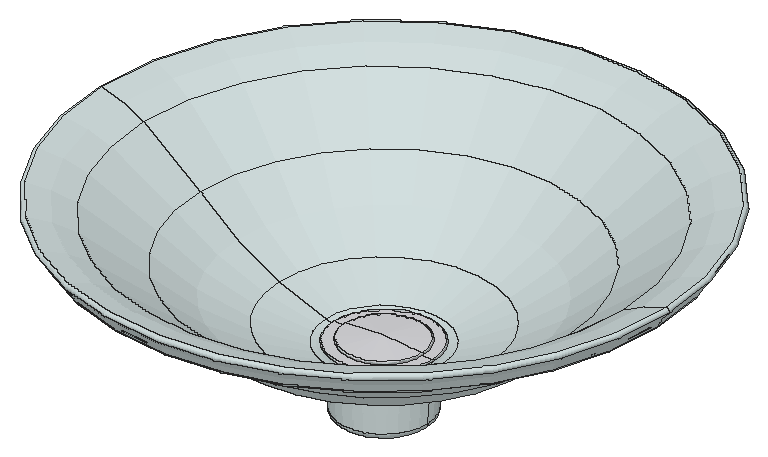
Revit family "Sink-Vessel-Lavatory-KOHLER-Derring_on_Carillon-K-17890_1", category Plumbing Fixtures, host Face, Revit 2015 (continued)
Definition of nested family "K-17890"
  Lines and regions (in)
    symbolic lines, detail levels medium+fine
      curve 401: arc (1.4664, 3.5525, 0) -> (1.42683, 3.39508, 0) -> (1.402, 3.23467, 0) r 1.75146
      curve 402: arc (1.29266, 3.27931, 0) -> (1.25401, 3.24543, 0) -> (1.205, 3.22992, 0) r 0.12522
      curve 403: arc (1.402, 3.23467, 0) -> (1.40702, 3.18209, 0) -> (1.43235, 3.13573, 0) r 0.13139
      curve 404: arc (1.28544, 3.20448, 0) -> (0.96666, 2.41858, 0) -> (0.67082, 1.62377, 0) r 29.2281
      curve 405: arc (1.3494, 3.17745, 0) -> (1.02094, 2.39588, 0) -> (0.67082, 1.62377, 0) r 30.40578
      curve 406: arc (1.35284, 3.32927, 0) -> (1.31616, 3.26848, 0) -> (1.28544, 3.20448, 0) r 0.74486
      curve 407: arc (1.39208, 3.30296, 0) -> (1.3725, 3.23961, 0) -> (1.3494, 3.17745, 0) r 1.18069
      curve 408: arc (1.3887, 3.34291, 0) -> (1.39398, 3.32324, 0) -> (1.39208, 3.30296, 0) r 0.05754
      curve 409: arc (1.3887, 3.34291, 0) -> (1.3686, 3.3418, 0) -> (1.35284, 3.32927, 0) r 0.03318
      curve 410: arc (2.41837, 5.2955, 0) -> (2.30946, 5.0037, 0) -> (2.21276, 4.70762, 0) r 7.49877
      curve 411: arc (2.78611, 5.11853, 0) -> (2.62831, 4.85541, 0) -> (2.43884, 4.61411, 0) r 2.44677
      curve 412: arc (2.21276, 4.70762, 0) -> (2.19627, 4.59957, 0) -> (2.21103, 4.49126, 0) r 0.38232
      curve 413: arc (2.43884, 4.61411, 0) -> (2.37049, 4.54379, 0) -> (2.29639, 4.47958, 0) r 1.14623
      curve 414: arc (2.29639, 4.47958, 0) -> (2.25121, 4.46719, 0) -> (2.21103, 4.49126, 0) r 0.05964
      curve 415: arc (2.23453, 4.47203, 0) -> (2.11432, 4.27118, 0) -> (1.97611, 4.08228, 0) r 2.53556
      curve 416: arc (1.97611, 4.08228, 0) -> (1.89833, 4.00655, 0) -> (1.80467, 3.95167, 0) r 0.44975
      curve 417: arc (2.23453, 4.47203, 0) -> (2.15102, 4.25182, 0) -> (2.07698, 4.02825, 0) r 5.52516
      curve 418: arc (2.07698, 4.02825, 0) -> (2.06021, 3.91977, 0) -> (2.07517, 3.81103, 0) r 0.37959
      curve 419: arc (1.80467, 3.95167, 0) -> (1.74333, 3.75828, 0) -> (1.7029, 3.55946, 0) r 1.90482
      curve 420: arc (2.07517, 3.81103, 0) -> (1.95399, 3.63813, 0) -> (1.80715, 3.48641, 0) r 1.33954
      curve 421: arc (1.7029, 3.55946, 0) -> (1.70173, 3.4983, 0) -> (1.7161, 3.43884, 0) r 0.23936
      curve 422: arc (1.80715, 3.48641, 0) -> (1.76451, 3.45711, 0) -> (1.7161, 3.43884, 0) r 0.21491
      curve 423: arc (1.7161, 3.43884, 0) -> (1.62477, 3.30504, 0) -> (1.52331, 3.17874, 0) r 2.082
      curve 424: arc (1.7161, 3.43884, 0) -> (1.66539, 3.28464, 0) -> (1.62919, 3.12641, 0) r 1.75146
      curve 425: arc (1.52331, 3.17874, 0) -> (1.48234, 3.1477, 0) -> (1.43235, 3.13573, 0) r 0.12522
      curve 426: arc (1.62919, 3.12641, 0) -> (1.63044, 3.0736, 0) -> (1.6524, 3.02556, 0) r 0.13139
      curve 427: arc (1.51077, 3.10461, 0) -> (1.13674, 2.34346, 0) -> (0.78495, 1.57178, 0) r 29.2281
      curve 428: arc (1.57264, 3.07309, 0) -> (1.18926, 2.31694, 0) -> (0.78495, 1.57178, 0) r 30.40578
      curve 429: arc (1.5869, 3.22427, 0) -> (1.54598, 3.16626, 0) -> (1.51077, 3.10461, 0) r 0.74486
      curve 430: arc (1.62416, 3.19524, 0) -> (1.60012, 3.13344, 0) -> (1.57264, 3.07309, 0) r 1.18069
      curve 431: arc (1.62364, 3.23533, 0) -> (1.62751, 3.21533, 0) -> (1.62416, 3.19524, 0) r 0.05754
      curve 432: arc (1.62364, 3.23533, 0) -> (1.60351, 3.23565, 0) -> (1.5869, 3.22427, 0) r 0.03318
      curve 433: arc (2.78999, 5.10948, 0) -> (2.66054, 4.82619, 0) -> (2.54296, 4.53777, 0) r 7.49877
      curve 434: arc (3.14416, 4.90673, 0) -> (2.968, 4.65554, 0) -> (2.76179, 4.42836, 0) r 2.44677
      curve 435: arc (2.54296, 4.53777, 0) -> (2.5188, 4.43117, 0) -> (2.5258, 4.32208, 0) r 0.38232
      curve 436: arc (2.76179, 4.42836, 0) -> (2.6886, 4.36311, 0) -> (2.61011, 4.30434, 0) r 1.14623
      curve 437: arc (2.61011, 4.30434, 0) -> (2.56416, 4.29521, 0) -> (2.5258, 4.32208, 0) r 0.05964
      curve 438: arc (2.54786, 4.30122, 0) -> (2.41364, 4.10947, 0) -> (2.2623, 3.9309, 0) r 2.53556
      curve 439: arc (2.2623, 3.9309, 0) -> (2.17932, 3.86092, 0) -> (2.08198, 3.81286, 0) r 0.44975
      curve 440: arc (2.54786, 4.30122, 0) -> (2.44886, 4.08753, 0) -> (2.35906, 3.86982, 0) r 5.52516
      curve 441: arc (2.35906, 3.86982, 0) -> (2.33459, 3.76281, 0) -> (2.34176, 3.65328, 0) r 0.37959
      curve 442: arc (2.08198, 3.81286, 0) -> (2.007, 3.62434, 0) -> (1.95249, 3.42891, 0) r 1.90482
      curve 443: arc (2.34176, 3.65328, 0) -> (2.20856, 3.48946, 0) -> (2.05127, 3.34861, 0) r 1.33954
      curve 444: arc (1.95249, 3.42891, 0) -> (1.94696, 3.36799, 0) -> (1.95705, 3.30765, 0) r 0.23936
      curve 445: arc (2.05127, 3.34861, 0) -> (2.00664, 3.32242, 0) -> (1.95705, 3.30765, 0) r 0.21491
      curve 446: arc (1.95705, 3.30765, 0) -> (1.85641, 3.18071, 0) -> (1.7462, 3.06197, 0) r 2.082
      curve 447: arc (1.95705, 3.30765, 0) -> (1.89548, 3.15747, 0) -> (1.84807, 3.00222, 0) r 1.75146
      curve 448: arc (1.7462, 3.06197, 0) -> (1.70312, 3.03393, 0) -> (1.6524, 3.02556, 0) r 0.12522
      curve 449: arc (1.84807, 3.00222, 0) -> (1.84556, 2.94946, 0) -> (1.86403, 2.89997, 0) r 0.13139
      curve 450: arc (1.7284, 2.98893, 0) -> (1.30102, 2.2564, 0) -> (0.89508, 1.51177, 0) r 29.2281
      curve 451: arc (1.78787, 2.95307, 0) -> (1.35152, 2.2262, 0) -> (0.89508, 1.51177, 0) r 30.40578
      curve 452: arc (1.81287, 3.10285, 0) -> (1.76792, 3.0479, 0) -> (1.7284, 2.98893, 0) r 0.74486
      curve 453: arc (1.84797, 3.07123, 0) -> (1.81958, 3.0113, 0) -> (1.78787, 2.95307, 0) r 1.18069
      curve 454: arc (1.85031, 3.11125, 0) -> (1.85274, 3.09103, 0) -> (1.84797, 3.07123, 0) r 0.05754
      curve 455: arc (1.85031, 3.11125, 0) -> (1.83025, 3.11302, 0) -> (1.81287, 3.10285, 0) r 0.03318
      curve 456: arc (3.14739, 4.89743, 0) -> (2.99806, 4.62409, 0) -> (2.8602, 4.34479, 0) r 7.49877
      curve 457: arc (3.48619, 4.66992, 0) -> (3.29256, 4.43194, 0) -> (3.07067, 4.22006, 0) r 2.44677
      curve 458: arc (2.8602, 4.34479, 0) -> (2.8285, 4.24019, 0) -> (2.82769, 4.13088, 0) r 0.38232
      curve 459: arc (3.07067, 4.22006, 0) -> (2.99301, 4.16019, 0) -> (2.91053, 4.10717, 0) r 1.14623
      curve 460: arc (2.91053, 4.10717, 0) -> (2.86405, 4.10134, 0) -> (2.82769, 4.13088, 0) r 0.05964
      curve 461: arc (2.84822, 4.1085, 0) -> (2.70065, 3.92681, 0) -> (2.53696, 3.75949, 0) r 2.53556
      curve 462: arc (2.53696, 3.75949, 0) -> (2.4492, 3.69561, 0) -> (2.34868, 3.65462, 0) r 0.44975
      curve 463: arc (2.84822, 4.1085, 0) -> (2.73423, 3.90242, 0) -> (2.62912, 3.69166, 0) r 5.52516
      curve 464: arc (2.62912, 3.69166, 0) -> (2.59708, 3.58667, 0) -> (2.59642, 3.47691, 0) r 0.37959
      curve 465: arc (2.34868, 3.65462, 0) -> (2.26044, 3.47192, 0) -> (2.19213, 3.28088, 0) r 1.90482
      curve 466: arc (2.59642, 3.47691, 0) -> (2.45187, 3.32301, 0) -> (2.28493, 3.19374, 0) r 1.33954
      curve 467: arc (2.19213, 3.28088, 0) -> (2.18227, 3.22051, 0) -> (2.18803, 3.15961, 0) r 0.23936
      curve 468: arc (2.28493, 3.19374, 0) -> (2.23855, 3.1708, 0) -> (2.18803, 3.15961, 0) r 0.21491
      curve 469: arc (2.18803, 3.15961, 0) -> (2.07859, 3.04017, 0) -> (1.96019, 2.9296, 0) r 2.082
      curve 470: arc (2.18803, 3.15961, 0) -> (2.1159, 3.0142, 0) -> (2.05754, 2.86273, 0) r 1.75146
      curve 471: arc (1.96019, 2.9296, 0) -> (1.91522, 2.9047, 0) -> (1.86403, 2.89997, 0) r 0.12522
      curve 472: arc (2.05754, 2.86273, 0) -> (2.05127, 2.81028, 0) -> (2.06616, 2.7596, 0) r 0.13139
      curve 473: arc (1.93722, 2.85801, 0) -> (1.45868, 2.15783, 0) -> (1.00064, 1.44407, 0) r 29.2281
      curve 474: arc (1.99398, 2.818, 0) -> (1.50689, 2.12411, 0) -> (1.00064, 1.44407, 0) r 30.40578
      curve 475: arc (2.02961, 2.96562, 0) -> (1.98085, 2.91402, 0) -> (1.93722, 2.85801, 0) r 0.74486
      curve 476: arc (2.06236, 2.93157, 0) -> (2.02976, 2.87382, 0) -> (1.99398, 2.818, 0) r 1.18069
      curve 477: arc (2.06755, 2.97133, 0) -> (2.06853, 2.95098, 0) -> (2.06236, 2.93157, 0) r 0.05754
      curve 478: arc (2.06755, 2.97133, 0) -> (2.04767, 2.97452, 0) -> (2.02961, 2.96562, 0) r 0.03318
      curve 479: arc (3.48875, 4.66042, 0) -> (3.3203, 4.39843, 0) -> (3.16287, 4.12968, 0) r 7.49877
      curve 480: arc (3.81045, 4.40932, 0) -> (3.60034, 4.18576, 0) -> (3.3639, 3.99025, 0) r 2.44677
      curve 481: arc (3.16287, 4.12968, 0) -> (3.12379, 4.0276, 0) -> (3.11518, 3.91863, 0) r 0.38232
      curve 482: arc (3.3639, 3.99025, 0) -> (3.28217, 3.93607, 0) -> (3.19611, 3.88907, 0) r 1.14623
      curve 483: arc (3.19611, 3.88907, 0) -> (3.14934, 3.88657, 0) -> (3.11518, 3.91863, 0) r 0.05964
      curve 484: arc (3.13406, 3.89485, 0) -> (2.97391, 3.72414, 0) -> (2.7987, 3.56893, 0) r 2.53556
      curve 485: arc (2.7987, 3.56893, 0) -> (2.7066, 3.51147, 0) -> (2.60341, 3.47775, 0) r 0.44975
      curve 486: arc (3.13406, 3.89485, 0) -> (3.00565, 3.69742, 0) -> (2.88578, 3.4947, 0) r 5.52516
      curve 487: arc (2.88578, 3.4947, 0) -> (2.84633, 3.39226, 0) -> (2.83784, 3.28282, 0) r 0.37959
      curve 488: arc (2.60341, 3.47775, 0) -> (2.50237, 3.30182, 0) -> (2.4206, 3.11614, 0) r 1.90482
      curve 489: arc (2.83784, 3.28282, 0) -> (2.68268, 3.13963, 0) -> (2.50694, 3.0226, 0) r 1.33954
      curve 490: arc (2.4206, 3.11614, 0) -> (2.40646, 3.05662, 0) -> (2.40786, 2.99547, 0) r 0.23936
      curve 491: arc (2.50694, 3.0226, 0) -> (2.45905, 3.00303, 0) -> (2.40786, 2.99547, 0) r 0.21491
      curve 492: arc (2.40786, 2.99547, 0) -> (2.29017, 2.88414, 0) -> (2.16419, 2.78229, 0) r 2.082
      curve 493: arc (2.40786, 2.99547, 0) -> (2.32554, 2.85557, 0) -> (2.25652, 2.70866, 0) r 1.75146
      curve 494: arc (2.16419, 2.78229, 0) -> (2.11756, 2.76067, 0) -> (2.06616, 2.7596, 0) r 0.12522
      curve 495: arc (2.25652, 2.70866, 0) -> (2.24652, 2.65679, 0) -> (2.25776, 2.60517, 0) r 0.13139
      curve 496: arc (2.13618, 2.71253, 0) -> (1.6089, 2.04827, 0) -> (1.10111, 1.369, 0) r 29.2281
      curve 497: arc (2.18993, 2.66857, 0) -> (1.65458, 2.0112, 0) -> (1.10111, 1.369, 0) r 30.40578
      curve 498: arc (2.236, 2.81327, 0) -> (2.18368, 2.76528, 0) -> (2.13618, 2.71253, 0) r 0.74486
      curve 499: arc (2.26624, 2.77698, 0) -> (2.22961, 2.7217, 0) -> (2.18993, 2.66857, 0) r 1.18069
      curve 500: arc (2.27426, 2.81626, 0) -> (2.27378, 2.7959, 0) -> (2.26624, 2.77698, 0) r 0.05754
      curve 501: arc (2.27426, 2.81626, 0) -> (2.25465, 2.82086, 0) -> (2.236, 2.81327, 0) r 0.03318
      curve 502: arc (3.81233, 4.39966, 0) -> (3.62562, 4.15036, 0) -> (3.44942, 3.89352, 0) r 7.49877
      curve 503: arc (4.1153, 4.12625, 0) -> (3.88978, 3.91825, 0) -> (3.63999, 3.7401, 0) r 2.44677
      curve 504: arc (3.44942, 3.89352, 0) -> (3.40315, 3.79449, 0) -> (3.3868, 3.68641, 0) r 0.38232
      curve 505: arc (3.63999, 3.7401, 0) -> (3.55461, 3.69189, 0) -> (3.46541, 3.65115, 0) r 1.14623
      curve 506: arc (3.46541, 3.65115, 0) -> (3.41858, 3.652, 0) -> (3.3868, 3.68641, 0) r 0.05964
      curve 507: arc (3.40393, 3.66134, 0) -> (3.23201, 3.5025, 0) -> (3.04617, 3.36018, 0) r 2.53556
      curve 508: arc (3.04617, 3.36018, 0) -> (2.95021, 3.30944, 0) -> (2.84488, 3.28317, 0) r 0.44975
      curve 509: arc (3.40393, 3.66134, 0) -> (3.26177, 3.47358, 0) -> (3.12774, 3.27992, 0) r 5.52516
      curve 510: arc (3.12774, 3.27992, 0) -> (3.08108, 3.18056, 0) -> (3.06481, 3.07201, 0) r 0.37959
      curve 511: arc (2.84488, 3.28317, 0) -> (2.73154, 3.11489, 0) -> (2.63674, 2.93551, 0) r 1.90482
      curve 512: arc (3.06481, 3.07201, 0) -> (2.89982, 2.94025, 0) -> (2.71619, 2.83606, 0) r 1.33954
      curve 513: arc (2.63674, 2.93551, 0) -> (2.61838, 2.87716, 0) -> (2.61542, 2.81606, 0) r 0.23936
      curve 514: arc (2.71619, 2.83606, 0) -> (2.66701, 2.81995, 0) -> (2.61542, 2.81606, 0) r 0.21491
      curve 515: arc (2.61542, 2.81606, 0) -> (2.49009, 2.71341, 0) -> (2.35716, 2.62081, 0) r 2.082
      curve 516: arc (2.61542, 2.81606, 0) -> (2.52333, 2.6824, 0) -> (2.44401, 2.54078, 0) r 1.75146
      curve 517: arc (2.35716, 2.62081, 0) -> (2.3091, 2.60257, 0) -> (2.25776, 2.60517, 0) r 0.12522
      curve 518: arc (2.44401, 2.54078, 0) -> (2.43033, 2.48975, 0) -> (2.43786, 2.43747, 0) r 0.13139
      curve 519: arc (2.32424, 2.55322, 0) -> (1.75092, 1.92828, 0) -> (1.19597, 1.28696, 0) r 29.2281
      curve 520: arc (2.37473, 2.50554, 0) -> (1.79384, 1.88804, 0) -> (1.19597, 1.28696, 0) r 30.40578
      curve 521: arc (2.431, 2.64659, 0) -> (2.37539, 2.60245, 0) -> (2.32424, 2.55322, 0) r 0.74486
      curve 522: arc (2.45857, 2.60823, 0) -> (2.41809, 2.55571, 0) -> (2.37473, 2.50554, 0) r 1.18069
      curve 523: arc (2.46937, 2.64684, 0) -> (2.46744, 2.62656, 0) -> (2.45857, 2.60823, 0) r 0.05754
      curve 524: arc (2.46937, 2.64684, 0) -> (2.45014, 2.65282, 0) -> (2.431, 2.64659, 0) r 0.03318
      curve 525: arc (4.11648, 4.11648, 0) -> (3.91246, 3.88114, 0) -> (3.71839, 3.63752, 0) r 7.49877
      curve 526: arc (4.39918, 3.82216, 0) -> (4.15939, 3.63077, 0) -> (3.89753, 3.4709, 0) r 2.44677
      curve 527: arc (3.71839, 3.63752, 0) -> (3.66518, 3.54204, 0) -> (3.64115, 3.43541, 0) r 0.38232
      curve 528: arc (3.89753, 3.4709, 0) -> (3.80893, 3.4289, 0) -> (3.71705, 3.39463, 0) r 1.14623
      curve 529: arc (3.71705, 3.39463, 0) -> (3.6704, 3.39881, 0) -> (3.64115, 3.43541, 0) r 0.05964
      curve 530: arc (3.65645, 3.40918, 0) -> (3.47364, 3.263, 0) -> (3.27812, 3.13431, 0) r 2.53556
      curve 531: arc (3.27812, 3.13431, 0) -> (3.17878, 3.09054, 0) -> (3.07185, 3.07185, 0) r 0.44975
      curve 532: arc (3.65645, 3.40918, 0) -> (3.50126, 3.23203, 0) -> (3.35375, 3.04844, 0) r 5.52516
      curve 533: arc (3.35375, 3.04844, 0) -> (3.30013, 2.95266, 0) -> (3.27615, 2.84554, 0) r 0.37959
      curve 534: arc (3.07185, 3.07185, 0) -> (2.94679, 2.91209, 0) -> (2.83944, 2.73993, 0) r 1.90482
      curve 535: arc (3.27615, 2.84554, 0) -> (3.10219, 2.72589, 0) -> (2.91159, 2.63506, 0) r 1.33954
      curve 536: arc (2.83944, 2.73993, 0) -> (2.81697, 2.68304, 0) -> (2.80965, 2.62231, 0) r 0.23936
      curve 537: arc (2.91159, 2.63506, 0) -> (2.86139, 2.6225, 0) -> (2.80965, 2.62231, 0) r 0.21491
      curve 538: arc (2.80965, 2.62231, 0) -> (2.67732, 2.52886, 0) -> (2.53812, 2.44598, 0) r 2.082
      curve 539: arc (2.80965, 2.62231, 0) -> (2.70826, 2.49555, 0) -> (2.61904, 2.35995, 0) r 1.75146
      curve 540: arc (2.53812, 2.44598, 0) -> (2.48889, 2.43121, 0) -> (2.43786, 2.43747, 0) r 0.12522
      curve 541: arc (2.61904, 2.35995, 0) -> (2.60176, 2.31003, 0) -> (2.60554, 2.25734, 0) r 0.13139
      curve 542: arc (2.50047, 2.38091, 0) -> (1.88402, 1.79846, 0) -> (1.28474, 1.19836, 0) r 29.2281
      curve 543: arc (2.54742, 2.32975, 0) -> (1.92396, 1.75525, 0) -> (1.28474, 1.19836, 0) r 30.40578
      curve 544: arc (2.61361, 2.46642, 0) -> (2.555, 2.42636, 0) -> (2.50047, 2.38091, 0) r 0.74486
      curve 545: arc (2.63838, 2.42619, 0) -> (2.59425, 2.37669, 0) -> (2.54742, 2.32975, 0) r 1.18069
      curve 546: arc (2.6519, 2.46393, 0) -> (2.64853, 2.44385, 0) -> (2.63838, 2.42619, 0) r 0.05754
      curve 547: arc (2.6519, 2.46393, 0) -> (2.63315, 2.47127, 0) -> (2.61361, 2.46642, 0) r 0.03318
      curve 548: arc (4.39966, 3.81233, 0) -> (4.17937, 3.59214, 0) -> (3.96842, 3.36299, 0) r 7.49877
      curve 549: arc (4.66064, 3.49859, 0) -> (4.40781, 3.32479, 0) -> (4.13521, 3.18401, 0) r 2.44677
      curve 550: arc (3.96842, 3.36299, 0) -> (3.90853, 3.27155, 0) -> (3.87696, 3.1669, 0) r 0.38232
      curve 551: arc (4.13521, 3.18401, 0) -> (4.04384, 3.14844, 0) -> (3.94975, 3.12081, 0) r 1.14623
      curve 552: arc (3.94975, 3.12081, 0) -> (3.90351, 3.12831, 0) -> (3.87696, 3.1669, 0) r 0.05964
      curve 553: arc (3.89034, 3.13964, 0) -> (3.69757, 3.00688, 0) -> (3.49337, 2.89246, 0) r 2.53556
      curve 554: arc (3.49337, 2.89246, 0) -> (3.39116, 2.85589, 0) -> (3.28317, 2.84488, 0) r 0.44975
      curve 555: arc (3.89034, 3.13964, 0) -> (3.72291, 2.97402, 0) -> (3.56268, 2.80142, 0) r 5.52516
      curve 556: arc (3.56268, 2.80142, 0) -> (3.50064, 2.70598, 0) -> (3.46969, 2.59644, 0) r 0.37959
      curve 557: arc (3.28317, 2.84488, 0) -> (3.14703, 2.69445, 0) -> (3.02767, 2.53039, 0) r 1.90482
      curve 558: arc (3.4708, 2.60457, 0) -> (3.28875, 2.49764, 0) -> (3.09215, 2.42064, 0) r 1.33954
      curve 559: arc (3.02767, 2.53039, 0) -> (3.00119, 2.47524, 0) -> (2.98956, 2.41519, 0) r 0.23936
      curve 560: arc (3.09215, 2.42064, 0) -> (3.04119, 2.41169, 0) -> (2.98956, 2.41519, 0) r 0.21491
      curve 561: arc (2.98956, 2.41519, 0) -> (2.8509, 2.33142, 0) -> (2.70615, 2.25868, 0) r 2.082
      curve 562: arc (2.98956, 2.41519, 0) -> (2.87939, 2.29599, 0) -> (2.78072, 2.1671, 0) r 1.75146
      curve 563: arc (2.70615, 2.25868, 0) -> (2.65598, 2.24746, 0) -> (2.60554, 2.25734, 0) r 0.12522
      curve 564: arc (2.78072, 2.1671, 0) -> (2.75992, 2.11854, 0) -> (2.75994, 2.06571, 0) r 0.13139
      curve 565: arc (2.66395, 2.19646, 0) -> (2.00752, 1.65947, 0) -> (1.36695, 1.10366, 0) r 29.2281
      curve 566: arc (2.70713, 2.14208, 0) -> (2.04428, 1.61353, 0) -> (1.36695, 1.10366, 0) r 30.40578
      curve 567: arc (2.7829, 2.27368, 0) -> (2.72158, 2.23791, 0) -> (2.66395, 2.19646, 0) r 0.74486
      curve 568: arc (2.80474, 2.23179, 0) -> (2.75719, 2.18556, 0) -> (2.70713, 2.14208, 0) r 1.18069
      curve 569: arc (2.82092, 2.26847, 0) -> (2.81613, 2.24867, 0) -> (2.80474, 2.23179, 0) r 0.05754
      curve 570: arc (2.82092, 2.26847, 0) -> (2.80274, 2.27713, 0) -> (2.7829, 2.27368, 0) r 0.03318
      curve 571: arc (4.66042, 3.48875, 0) -> (4.42498, 3.28483, 0) -> (4.19822, 3.07131, 0) r 7.49877
      curve 572: arc (4.89835, 3.15718, 0) -> (4.63377, 3.00187, 0) -> (4.35182, 2.88089, 0) r 2.44677
      curve 573: arc (4.19822, 3.07131, 0) -> (4.13196, 2.98438, 0) -> (4.093, 2.88225, 0) r 0.38232
      curve 574: arc (4.35182, 2.88089, 0) -> (4.25814, 2.85193, 0) -> (4.16233, 2.83109, 0) r 1.14623
      curve 575: arc (4.16233, 2.83109, 0) -> (4.11674, 2.84187, 0) -> (4.093, 2.88225, 0) r 0.05964
      curve 576: arc (4.10441, 2.85411, 0) -> (3.90266, 2.73544, 0) -> (3.69082, 2.63588, 0) r 2.53556
      curve 577: arc (3.69082, 2.63588, 0) -> (3.58626, 2.60669, 0) -> (3.47775, 2.60341, 0) r 0.44975
      curve 578: arc (4.10441, 2.85411, 0) -> (3.92559, 2.70086, 0) -> (3.75346, 2.54012, 0) r 5.52516
      curve 579: arc (3.75346, 2.54012, 0) -> (3.68477, 2.44935, 0) -> (3.64608, 2.3423, 0) r 0.37959
      curve 580: arc (3.47775, 2.60341, 0) -> (3.33123, 2.46307, 0) -> (3.20047, 2.30795, 0) r 1.90482
      curve 581: arc (3.64777, 2.35033, 0) -> (3.45855, 2.25666, 0) -> (3.25696, 2.19388, 0) r 1.33954
      curve 582: arc (3.20047, 2.30795, 0) -> (3.17013, 2.25483, 0) -> (3.15424, 2.19576, 0) r 0.23936
      curve 583: arc (3.25696, 2.19388, 0) -> (3.20549, 2.18859, 0) -> (3.15424, 2.19576, 0) r 0.21491
      curve 584: arc (3.15424, 2.19576, 0) -> (3.00996, 2.12209, 0) -> (2.86039, 2.05987, 0) r 2.082
      curve 585: arc (3.15424, 2.19576, 0) -> (3.03584, 2.08472, 0) -> (2.92823, 1.9632, 0) r 1.75146
      curve 586: arc (2.86039, 2.05987, 0) -> (2.80955, 2.05226, 0) -> (2.75994, 2.06571, 0) r 0.12522
      curve 587: arc (2.92823, 1.9632, 0) -> (2.90403, 1.91625, 0) -> (2.90027, 1.86356, 0) r 0.13139
      curve 588: arc (2.81385, 2.00082, 0) -> (2.12079, 1.51203, 0) -> (1.4422, 1.00333, 0) r 29.2281
      curve 589: arc (2.85305, 1.9435, 0) -> (2.15418, 1.46358, 0) -> (1.4422, 1.00333, 0) r 30.40578
      curve 590: arc (2.93801, 2.06936, 0) -> (2.8743, 2.03805, 0) -> (2.81385, 2.00082, 0) r 0.74486
      curve 591: arc (2.9568, 2.02602, 0) -> (2.90609, 1.9833, 0) -> (2.85305, 1.9435, 0) r 1.18069
      curve 592: arc (2.97557, 2.06145, 0) -> (2.96937, 2.04204, 0) -> (2.9568, 2.02602, 0) r 0.05754
      curve 593: arc (2.97557, 2.06145, 0) -> (2.95805, 2.07138, 0) -> (2.93801, 2.06936, 0) r 0.03318
      curve 594: arc (4.89743, 3.14739, 0) -> (4.64805, 2.96079, 0) -> (4.40663, 2.76399, 0) r 7.49877
      curve 595: arc (5.1111, 2.7997, 0) -> (4.83611, 2.66366, 0) -> (4.54625, 2.5631, 0) r 2.44677
      curve 596: arc (4.40663, 2.76399, 0) -> (4.33433, 2.68201, 0) -> (4.28819, 2.58292, 0) r 0.38232
      curve 597: arc (4.54625, 2.5631, 0) -> (4.45075, 2.5409, 0) -> (4.35369, 2.52694, 0) r 1.14623
      curve 598: arc (4.35369, 2.52694, 0) -> (4.30899, 2.54094, 0) -> (4.28819, 2.58292, 0) r 0.05964
      curve 599: arc (4.29756, 2.55403, 0) -> (4.08786, 2.45006, 0) -> (3.86945, 2.36586, 0) r 2.53556
      curve 600: arc (3.86945, 2.36586, 0) -> (3.76308, 2.34421, 0) -> (3.65462, 2.34868, 0) r 0.44975
      curve 601: arc (4.29756, 2.55403, 0) -> (4.10826, 2.41393, 0) -> (3.9251, 2.26588, 0) r 5.52516
      curve 602: arc (3.9251, 2.26588, 0) -> (3.85234, 2.18369, 0) -> (3.80615, 2.08412, 0) r 0.37959
      curve 603: arc (3.65462, 2.34868, 0) -> (3.49846, 2.21915, 0) -> (3.35696, 2.07375, 0) r 1.90482
      curve 604: arc (3.80615, 2.08412, 0) -> (3.61072, 2.00418, 0) -> (3.40517, 1.95594, 0) r 1.33954
      curve 605: arc (3.35696, 2.07375, 0) -> (3.32291, 2.02293, 0) -> (3.30285, 1.96515, 0) r 0.23936
      curve 606: arc (3.40517, 1.95594, 0) -> (3.35345, 1.95434, 0) -> (3.30285, 1.96515, 0) r 0.21491
      curve 607: arc (3.30285, 1.96515, 0) -> (3.15368, 1.90196, 0) -> (3.00005, 1.85056, 0) r 2.082
      curve 608: arc (3.30285, 1.96515, 0) -> (3.17683, 1.86284, 0) -> (3.06083, 1.7493, 0) r 1.75146
      curve 609: arc (3.00005, 1.85056, 0) -> (2.9488, 1.8466, 0) -> (2.90027, 1.86356, 0) r 0.12522
      curve 610: arc (3.06083, 1.7493, 0) -> (3.03333, 1.7042, 0) -> (3.02583, 1.65191, 0) r 0.13139
      curve 611: arc (2.94942, 1.79498, 0) -> (2.22326, 1.35688, 0) -> (1.51011, 0.89789, 0) r 29.2281
      curve 612: arc (2.98443, 1.73501, 0) -> (2.2531, 1.30617, 0) -> (1.51011, 0.89789, 0) r 30.40578
      curve 613: arc (3.07816, 1.85449, 0) -> (3.01237, 1.82781, 0) -> (2.94942, 1.79498, 0) r 0.74486
      curve 614: arc (3.09381, 1.80992, 0) -> (3.04017, 1.77093, 0) -> (2.98443, 1.73501, 0) r 1.18069
      curve 615: arc (3.11505, 1.84392, 0) -> (3.10748, 1.82501, 0) -> (3.09381, 1.80992, 0) r 0.05754
      curve 616: arc (3.11505, 1.84392, 0) -> (3.09828, 1.85508, 0) -> (3.07816, 1.85449, 0) r 0.03318
      curve 617: arc (5.10948, 2.78999, 0) -> (4.84742, 2.62166, 0) -> (4.59258, 2.44258, 0) r 7.49877
      curve 618: arc (5.29781, 2.42794, 0) -> (5.01381, 2.31186, 0) -> (4.71752, 2.23224, 0) r 2.44677
      curve 619: arc (4.59258, 2.44258, 0) -> (4.51462, 2.36597, 0) -> (4.46153, 2.27042, 0) r 0.38232
      curve 620: arc (4.71752, 2.23224, 0) -> (4.62067, 2.21691, 0) -> (4.52287, 2.20991, 0) r 1.14623
      curve 621: arc (4.52287, 2.20991, 0) -> (4.47928, 2.22707, 0) -> (4.46153, 2.27042, 0) r 0.05964
      curve 622: arc (4.46882, 2.24094, 0) -> (4.25223, 2.15219, 0) -> (4.02837, 2.08379, 0) r 2.53556
      curve 623: arc (4.02837, 2.08379, 0) -> (3.92073, 2.06978, 0) -> (3.81286, 2.08198, 0) r 0.44975
      curve 624: arc (4.46882, 2.24094, 0) -> (4.27, 2.1147, 0) -> (4.07675, 1.98009, 0) r 5.52516
      curve 625: arc (4.07675, 1.98009, 0) -> (3.99584, 1.90002, 0) -> (3.94231, 1.79956, 0) r 0.37959
      curve 626: arc (3.81286, 2.08198, 0) -> (3.64786, 1.96392, 0) -> (3.49635, 1.82898, 0) r 1.90482
      curve 627: arc (3.94513, 1.80728, 0) -> (3.7445, 1.74148, 0) -> (3.53603, 1.70803, 0) r 1.33954
      curve 628: arc (3.49635, 1.82898, 0) -> (3.45876, 1.78072, 0) -> (3.43463, 1.72452, 0) r 0.23936
      curve 629: arc (3.53603, 1.70803, 0) -> (3.48433, 1.71013, 0) -> (3.43463, 1.72452, 0) r 0.21491
      curve 630: arc (3.43463, 1.72452, 0) -> (3.28133, 1.67213, 0) -> (3.12442, 1.63183, 0) r 2.082
      curve 631: arc (3.43463, 1.72452, 0) -> (3.30163, 1.63146, 0) -> (3.17782, 1.52649, 0) r 1.75146
      curve 632: arc (3.12442, 1.63183, 0) -> (3.07302, 1.63153, 0) -> (3.02583, 1.65191, 0) r 0.12522
      curve 633: arc (3.17782, 1.52649, 0) -> (3.14718, 1.48346, 0) -> (3.13596, 1.43184, 0) r 0.13139
      curve 634: arc (3.06996, 1.58, 0) -> (2.31439, 1.19482, 0) -> (1.57031, 0.78787, 0) r 29.2281
      curve 635: arc (3.1006, 1.51768, 0) -> (2.34054, 1.14211, 0) -> (1.57031, 0.78787, 0) r 30.40578
      curve 636: arc (3.20261, 1.63017, 0) -> (3.13509, 1.60825, 0) -> (3.06996, 1.58, 0) r 0.74486
      curve 637: arc (3.21504, 1.5846, 0) -> (3.15876, 1.54953, 0) -> (3.1006, 1.51768, 0) r 1.18069
      curve 638: arc (3.23865, 1.617, 0) -> (3.22976, 1.59867, 0) -> (3.21504, 1.5846, 0) r 0.05754
      curve 639: arc (3.23865, 1.617, 0) -> (3.22273, 1.62933, 0) -> (3.20261, 1.63017, 0) r 0.03318
      curve 640: arc (5.2955, 2.41837, 0) -> (5.0221, 2.26916, 0) -> (4.75513, 2.10873, 0) r 7.49877
      curve 641: arc (5.45752, 2.04381, 0) -> (5.16596, 1.94829, 0) -> (4.86475, 1.89001, 0) r 2.44677
      curve 642: arc (4.75513, 2.10873, 0) -> (4.6719, 2.03787, 0) -> (4.61213, 1.94635, 0) r 0.38232
      curve 643: arc (4.86475, 1.89001, 0) -> (4.76705, 1.88163, 0) -> (4.669, 1.88162, 0) r 1.14623
      curve 644: arc (4.669, 1.88162, 0) -> (4.62674, 1.90185, 0) -> (4.61213, 1.94635, 0) r 0.05964
      curve 645: arc (4.6173, 1.91643, 0) -> (4.39493, 1.84336, 0) -> (4.16677, 1.7911, 0) r 2.53556
      curve 646: arc (4.16677, 1.7911, 0) -> (4.05839, 1.78481, 0) -> (3.95167, 1.80467, 0) r 0.44975
      curve 647: arc (4.6173, 1.91643, 0) -> (4.40998, 1.80469, 0) -> (4.20762, 1.68422, 0) r 5.52516
      curve 648: arc (4.20762, 1.68422, 0) -> (4.12121, 1.61012, 0) -> (4.06065, 1.51374, 0) r 0.37959
      curve 649: arc (3.95167, 1.80467, 0) -> (3.77867, 1.69868, 0) -> (3.61792, 1.5749, 0) r 1.90482
      curve 650: arc (4.064, 1.52123, 0) -> (3.8592, 1.46992, 0) -> (3.64887, 1.45142, 0) r 1.33954
      curve 651: arc (3.61792, 1.5749, 0) -> (3.57698, 1.52944, 0) -> (3.5489, 1.4751, 0) r 0.23936
      curve 652: arc (3.64887, 1.45142, 0) -> (3.59745, 1.4572, 0) -> (3.5489, 1.4751, 0) r 0.21491
      curve 653: arc (3.5489, 1.4751, 0) -> (3.39226, 1.43378, 0) -> (3.23288, 1.40477, 0) r 2.082
      curve 654: arc (3.5489, 1.4751, 0) -> (3.40961, 1.39177, 0) -> (3.27862, 1.2959, 0) r 1.75146
      curve 655: arc (3.23288, 1.40477, 0) -> (3.18158, 1.40814, 0) -> (3.13596, 1.43184, 0) r 0.12522
      curve 656: arc (3.27862, 1.2959, 0) -> (3.24499, 1.25516, 0) -> (3.23012, 1.20447, 0) r 0.13139
      curve 657: arc (3.17485, 1.35697, 0) -> (2.39373, 1.02666, 0) -> (1.62252, 0.67384, 0) r 29.2281
      curve 658: arc (3.20097, 1.29262, 0) -> (2.41606, 0.97223, 0) -> (1.62252, 0.67384, 0) r 30.40578
      curve 659: arc (3.31075, 1.39755, 0) -> (3.24183, 1.3805, 0) -> (3.17485, 1.35697, 0) r 0.74486
      curve 660: arc (3.31989, 1.3512, 0) -> (3.26125, 1.32024, 0) -> (3.20097, 1.29262, 0) r 1.18069
      curve 661: arc (3.34576, 1.38184, 0) -> (3.33558, 1.36419, 0) -> (3.31989, 1.3512, 0) r 0.05754
      curve 662: arc (3.34576, 1.38184, 0) -> (3.33075, 1.39527, 0) -> (3.31075, 1.39755, 0) r 0.03318
      curve 663: arc (5.45453, 2.03444, 0) -> (5.17118, 1.90511, 0) -> (4.89345, 1.76413, 0) r 7.49877
      curve 664: arc (5.58942, 1.64927, 0) -> (5.29179, 1.57479, 0) -> (4.98718, 1.53815, 0) r 2.44677
      curve 665: arc (4.89345, 1.76413, 0) -> (4.80538, 1.69939, 0) -> (4.73923, 1.61237, 0) r 0.38232
      curve 666: arc (4.98718, 1.53815, 0) -> (4.88914, 1.53675, 0) -> (4.79133, 1.54375, 0) r 1.14623
      curve 667: arc (4.79133, 1.54375, 0) -> (4.75063, 1.56693, 0) -> (4.73923, 1.61237, 0) r 0.05964
      curve 668: arc (4.74225, 1.58215, 0) -> (4.51523, 1.52513, 0) -> (4.28393, 1.48928, 0) r 2.53556
      curve 669: arc (4.28393, 1.48928, 0) -> (4.17538, 1.49074, 0) -> (4.07035, 1.51816, 0) r 0.44975
      curve 670: arc (4.74225, 1.58215, 0) -> (4.52749, 1.48549, 0) -> (4.31705, 1.37976, 0) r 5.52516
      curve 671: arc (4.31705, 1.37976, 0) -> (4.22557, 1.31202, 0) -> (4.15829, 1.2202, 0) r 0.37959
      curve 672: arc (4.07035, 1.51816, 0) -> (3.89022, 1.42479, 0) -> (3.72105, 1.31278, 0) r 1.90482
      curve 673: arc (4.16217, 1.22743, 0) -> (3.95423, 1.19086, 0) -> (3.74312, 1.18742, 0) r 1.33954
      curve 674: arc (3.72105, 1.31278, 0) -> (3.67698, 1.27037, 0) -> (3.64509, 1.21816, 0) r 0.23936
      curve 675: arc (3.74312, 1.18742, 0) -> (3.69224, 1.19685, 0) -> (3.64509, 1.21816, 0) r 0.21491
      curve 676: arc (3.64509, 1.21816, 0) -> (3.4859, 1.18813, 0) -> (3.32486, 1.17056, 0) r 2.082
      curve 677: arc (3.64509, 1.21816, 0) -> (3.50021, 1.14498, 0) -> (3.36272, 1.0587, 0) r 1.75146
      curve 678: arc (3.32486, 1.17056, 0) -> (3.27393, 1.17758, 0) -> (3.23012, 1.20447, 0) r 0.12522
      curve 679: arc (3.36272, 1.0587, 0) -> (3.32626, 1.02047, 0) -> (3.30781, 0.97097, 0) r 0.13139
      curve 680: arc (3.26357, 1.12702, 0) -> (2.46087, 0.85328, 0) -> (1.66646, 0.55637, 0) r 29.2281
      curve 681: arc (3.28503, 1.06098, 0) -> (2.47926, 0.79739, 0) -> (1.66646, 0.55637, 0) r 30.40578
      curve 682: arc (3.40201, 1.1578, 0) -> (3.33206, 1.14571, 0) -> (3.26357, 1.12702, 0) r 0.74486
      curve 683: arc (3.40783, 1.11092, 0) -> (3.34713, 1.08422, 0) -> (3.28503, 1.06098, 0) r 1.18069
      curve 684: arc (3.43581, 1.13963, 0) -> (3.4244, 1.12276, 0) -> (3.40783, 1.11092, 0) r 0.05754
      curve 685: arc (3.43581, 1.13963, 0) -> (3.4218, 1.1541, 0) -> (3.40201, 1.1578, 0) r 0.03318
      curve 686: arc (5.58577, 1.64013, 0) -> (5.29392, 1.53135, 0) -> (5.00683, 1.41054, 0) r 7.49877
      curve 687: arc (5.69283, 1.24632, 0) -> (5.39065, 1.19327, 0) -> (5.08421, 1.17845, 0) r 2.44677
      curve 688: arc (5.00683, 1.41054, 0) -> (4.91437, 1.35224, 0) -> (4.84218, 1.27017, 0) r 0.38232
      curve 689: arc (5.08421, 1.17845, 0) -> (4.98631, 1.18405, 0) -> (4.88926, 1.198, 0) r 1.14623
      curve 690: arc (4.88926, 1.198, 0) -> (4.85031, 1.22403, 0) -> (4.84218, 1.27017, 0) r 0.05964
      curve 691: arc (4.84304, 1.23981, 0) -> (4.61253, 1.19913, 0) -> (4.37926, 1.17988, 0) r 2.53556
      curve 692: arc (4.37926, 1.17988, 0) -> (4.27109, 1.18907, 0) -> (4.16828, 1.22392, 0) r 0.44975
      curve 693: arc (4.84304, 1.23981, 0) -> (4.62193, 1.15871, 0) -> (4.40448, 1.06827, 0) r 5.52516
      curve 694: arc (4.40448, 1.06827, 0) -> (4.3084, 1.00722, 0) -> (4.23474, 0.92044, 0) r 0.37959
      curve 695: arc (4.16828, 1.22392, 0) -> (3.98195, 1.14363, 0) -> (3.80522, 1.04398, 0) r 1.90482
      curve 696: arc (4.23913, 0.92738, 0) -> (4.02911, 0.90574, 0) -> (3.81829, 0.91736, 0) r 1.33954
      curve 697: arc (3.80522, 1.04398, 0) -> (3.75823, 1.00482, 0) -> (3.72271, 0.95502, 0) r 0.23936
      curve 698: arc (3.81829, 0.91736, 0) -> (3.76821, 0.9304, 0) -> (3.72271, 0.95502, 0) r 0.21491
      curve 699: arc (3.72271, 0.95502, 0) -> (3.56178, 0.93642, 0) -> (3.39989, 0.93039, 0) r 2.082
      curve 700: arc (3.72271, 0.95502, 0) -> (3.57297, 0.89236, 0) -> (3.42968, 0.81611, 0) r 1.75146
      curve 701: arc (3.39989, 0.93039, 0) -> (3.3496, 0.94102, 0) -> (3.30781, 0.97097, 0) r 0.12522
      curve 702: arc (3.42968, 0.81611, 0) -> (3.39059, 0.78058, 0) -> (3.36865, 0.73252, 0) r 0.13139
      curve 703: arc (3.33565, 0.89133, 0) -> (2.51547, 0.67555, 0) -> (1.7019, 0.43607, 0) r 29.2281
      curve 704: arc (3.35234, 0.82392, 0) -> (2.52983, 0.61849, 0) -> (1.7019, 0.43607, 0) r 30.40578
      curve 705: arc (3.47594, 0.91215, 0) -> (3.4053, 0.90509, 0) -> (3.33565, 0.89133, 0) r 0.74486
      curve 706: arc (3.4784, 0.86498, 0) -> (3.41595, 0.84268, 0) -> (3.35234, 0.82392, 0) r 1.18069
      curve 707: arc (3.50836, 0.89162, 0) -> (3.49577, 0.8756, 0) -> (3.4784, 0.86498, 0) r 0.05754
      curve 708: arc (3.50836, 0.89162, 0) -> (3.49542, 0.90705, 0) -> (3.47594, 0.91215, 0) r 0.03318
      curve 709: arc (5.68854, 1.23747, 0) -> (5.38967, 1.14978, 0) -> (5.0947, 1.04976, 0) r 7.49877
      curve 710: arc (5.76724, 0.83703, 0) -> (5.46204, 0.80566, 0) -> (5.15532, 0.81274, 0) r 2.44677
      curve 711: arc (5.0947, 1.04976, 0) -> (4.99832, 0.99821, 0) -> (4.92046, 0.92149, 0) r 0.38232
      curve 712: arc (5.15532, 0.81274, 0) -> (5.05808, 0.82532, 0) -> (4.96226, 0.84615, 0) r 1.14623
      curve 713: arc (4.96226, 0.84615, 0) -> (4.92527, 0.8749, 0) -> (4.92046, 0.92149, 0) r 0.05964
      curve 714: arc (4.91914, 0.89116, 0) -> (4.68632, 0.86702, 0) -> (4.45227, 0.86446, 0) r 2.53556
      curve 715: arc (4.45227, 0.86446, 0) -> (4.34504, 0.88135, 0) -> (4.24497, 0.92344, 0) r 0.44975
      curve 716: arc (4.91914, 0.89116, 0) -> (4.69282, 0.82604, 0) -> (4.46947, 0.75133, 0) r 5.52516
      curve 717: arc (4.46947, 0.75133, 0) -> (4.36928, 0.6973, 0) -> (4.28962, 0.61599, 0) r 0.37959
      curve 718: arc (4.24497, 0.92344, 0) -> (4.05339, 0.85665, 0) -> (3.87, 0.76986, 0) r 1.90482
      curve 719: arc (4.29449, 0.6226, 0) -> (4.08346, 0.61599, 0) -> (3.874, 0.64263, 0) r 1.33954
      curve 720: arc (3.87, 0.76986, 0) -> (3.82034, 0.73415, 0) -> (3.78135, 0.68701, 0) r 0.23936
      curve 721: arc (3.874, 0.64263, 0) -> (3.82499, 0.6592, 0) -> (3.78135, 0.68701, 0) r 0.21491
      curve 722: arc (3.78135, 0.68701, 0) -> (3.61951, 0.67994, 0) -> (3.4576, 0.68547, 0) r 2.082
      curve 723: arc (3.78135, 0.68701, 0) -> (3.62753, 0.6352, 0) -> (3.47916, 0.56936, 0) r 1.75146
      curve 724: arc (3.4576, 0.68547, 0) -> (3.40819, 0.69967, 0) -> (3.36865, 0.73252, 0) r 0.12522
      curve 725: arc (3.47916, 0.56936, 0) -> (3.43763, 0.53671, 0) -> (3.41233, 0.49034, 0) r 0.13139
      curve 726: arc (3.39074, 0.65109, 0) -> (2.55726, 0.49438, 0) -> (1.72867, 0.31355, 0) r 29.2281
      curve 727: arc (3.40258, 0.58267, 0) -> (2.5675, 0.43644, 0) -> (1.72867, 0.31355, 0) r 30.40578
      curve 728: arc (3.53216, 0.66186, 0) -> (3.46119, 0.65985, 0) -> (3.39074, 0.65109, 0) r 0.74486
      curve 729: arc (3.53124, 0.61463, 0) -> (3.46736, 0.59684, 0) -> (3.40258, 0.58267, 0) r 1.18069
      curve 730: arc (3.56303, 0.63906, 0) -> (3.54933, 0.62399, 0) -> (3.53124, 0.61463, 0) r 0.05754
      curve 731: arc (3.56303, 0.63906, 0) -> (3.55122, 0.65538, 0) -> (3.53216, 0.66186, 0) r 0.03318
      curve 732: arc (5.76233, 0.8285, 0) -> (5.45797, 0.76236, 0) -> (5.15661, 0.68364, 0) r 7.49877
      curve 733: arc (5.81226, 0.42346, 0) -> (5.5056, 0.41395, 0) -> (5.20017, 0.44289, 0) r 2.44677
      curve 734: arc (5.15661, 0.68364, 0) -> (5.05679, 0.63909, 0) -> (4.97366, 0.56813, 0) r 0.38232
      curve 735: arc (5.20017, 0.44289, 0) -> (5.10407, 0.46237, 0) -> (5.00998, 0.49, 0) r 1.14623
      curve 736: arc (5.00998, 0.49, 0) -> (4.97514, 0.5213, 0) -> (4.97366, 0.56813, 0) r 0.05964
      curve 737: arc (4.97019, 0.53796, 0) -> (4.73624, 0.53049, 0) -> (4.50259, 0.54464, 0) r 2.53556
      curve 738: arc (4.50259, 0.54464, 0) -> (4.39684, 0.56913, 0) -> (4.30003, 0.61825, 0) r 0.44975
      curve 739: arc (4.97019, 0.53796, 0) -> (4.73979, 0.48915, 0) -> (4.51168, 0.43057, 0) r 5.52516
      curve 740: arc (4.51168, 0.43057, 0) -> (4.40789, 0.38382, 0) -> (4.32263, 0.30841, 0) r 0.37959
      curve 741: arc (4.30003, 0.61825, 0) -> (4.10418, 0.5653, 0) -> (3.91507, 0.49182, 0) r 1.90482
      curve 742: arc (4.32796, 0.31465, 0) -> (4.117, 0.32311, 0) -> (3.90998, 0.36463, 0) r 1.33954
      curve 743: arc (3.91507, 0.49182, 0) -> (3.86298, 0.45974, 0) -> (3.82073, 0.41551, 0) r 0.23936
      curve 744: arc (3.90998, 0.36463, 0) -> (3.86227, 0.38465, 0) -> (3.82073, 0.41551, 0) r 0.21491
      curve 745: arc (3.82073, 0.41551, 0) -> (3.65879, 0.42, 0) -> (3.49769, 0.43706, 0) r 2.082
      curve 746: arc (3.82073, 0.41551, 0) -> (3.6636, 0.37479, 0) -> (3.51091, 0.31971, 0) r 1.75146
      curve 747: arc (3.49769, 0.43706, 0) -> (3.44942, 0.45475, 0) -> (3.41233, 0.49034, 0) r 0.12522
      curve 748: arc (3.51091, 0.31971, 0) -> (3.46716, 0.2901, 0) -> (3.43861, 0.24565, 0) r 0.13139
      curve 749: arc (3.42855, 0.40754, 0) -> (2.58601, 0.31069, 0) -> (1.74664, 0.18943, 0) r 29.2281
      curve 750: arc (3.43548, 0.33845, 0) -> (2.5921, 0.25216, 0) -> (1.74664, 0.18943, 0) r 30.40578
      curve 751: arc (3.57037, 0.40819, 0) -> (3.49945, 0.41125, 0) -> (3.42855, 0.40754, 0) r 0.74486
      curve 752: arc (3.56609, 0.36115, 0) -> (3.5011, 0.34796, 0) -> (3.43548, 0.33845, 0) r 1.18069
      curve 753: arc (3.59954, 0.38325, 0) -> (3.5848, 0.36919, 0) -> (3.56609, 0.36115, 0) r 0.05754
      curve 754: arc (3.59954, 0.38325, 0) -> (3.58893, 0.40037, 0) -> (3.57037, 0.40819, 0) r 0.03318
      curve 755: arc (5.80675, 0.41531, 0) -> (5.49845, 0.37105, 0) -> (5.19224, 0.31403, 0) r 7.49877
      curve 756: arc (5.82766, 0.00774, 0) -> (5.52111, 0.02013, 0) -> (5.21851, 0.07079, 0) r 2.44677
      curve 757: arc (5.19224, 0.31403, 0) -> (5.0895, 0.27672, 0) -> (5.00152, 0.21186, 0) r 0.38232
      curve 758: arc (5.21851, 0.07079, 0) -> (5.12405, 0.09708, 0) -> (5.03217, 0.13134, 0) r 1.14623
      curve 759: arc (5.03217, 0.13134, 0) -> (4.99965, 0.16505, 0) -> (5.00152, 0.21186, 0) r 0.05964
      curve 760: arc (4.9959, 0.18202, 0) -> (4.76201, 0.19126, 0) -> (4.52998, 0.22204, 0) r 2.53556
      curve 761: arc (4.52998, 0.22204, 0) -> (4.42624, 0.25401, 0) -> (4.33318, 0.30992, 0) r 0.44975
      curve 762: arc (4.9959, 0.18202, 0) -> (4.76261, 0.14977, 0) -> (4.5309, 0.10761, 0) r 5.52516
      curve 763: arc (4.5309, 0.10761, 0) -> (4.4245, 0.06864, 0) -> (4.33435, 0, 0) r 0.37959
      curve 764: arc (4.33318, 0.30992, 0) -> (4.13405, 0.27107, 0) -> (3.94018, 0.21127, 0) r 1.90482
      curve 765: arc (4.33938, 0.00509, 0) -> (4.12956, 0.02859, 0) -> (3.92603, 0.08476, 0) r 1.33954
      curve 766: arc (3.94018, 0.21127, 0) -> (3.88594, 0.18298, 0) -> (3.84064, 0.14188, 0) r 0.23936
      curve 767: arc (3.92603, 0.08476, 0) -> (3.87987, 0.10814, 0) -> (3.84064, 0.14188, 0) r 0.21491
      curve 768: arc (3.84064, 0.14188, 0) -> (3.67943, 0.15791, 0) -> (3.51996, 0.18643, 0) r 2.082
      curve 769: arc (3.84064, 0.14188, 0) -> (3.681, 0.11248, 0) -> (3.52477, 0.06843, 0) r 1.75146
      curve 770: arc (3.51996, 0.18643, 0) -> (3.47308, 0.20751, 0) -> (3.43861, 0.24565, 0) r 0.12522
      curve 771: arc (3.52477, 0.06843, 0) -> (3.47914, 0.04212, 0) -> (3.44751, 0, 0) r 0.13139
      curve 772: arc (3.44889, 0.16191, 0) -> (2.60159, 0.12541, 0) -> (1.7557, 0.06434, 0) r 29.2281
      curve 773: arc (3.45087, 0.0925, 0) -> (2.60348, 0.0666, 0) -> (1.7557, 0.06434, 0) r 30.40578
      curve 774: arc (3.5904, 0.15245, 0) -> (3.51987, 0.16055, 0) -> (3.44889, 0.16191, 0) r 0.74486
      curve 775: arc (3.58277, 0.10582, 0) -> (3.51701, 0.09731, 0) -> (3.45087, 0.0925, 0) r 1.18069
      curve 776: arc (3.61771, 0.12549, 0) -> (3.60201, 0.11251, 0) -> (3.58277, 0.10582, 0) r 0.05754
      curve 777: arc (3.61771, 0.12549, 0) -> (3.60834, 0.14332, 0) -> (3.5904, 0.15245, 0) r 0.03318
      curve 778: arc (0.11351, 7.14534, 0) -> (0.05607, 7.14602, 0) -> (-0.00138, 7.14624, 0) r 7.14624
      curve 779: arc (0.62296, 7.11904, 0) -> (0.50302, 7.12852, 0) -> (0.38293, 7.13597, 0) r 7.14624
      curve 780: arc (1.12924, 7.05646, 0) -> (1.01028, 7.07447, 0) -> (0.89102, 7.09048, 0) r 7.14624
      curve 781: arc (1.62977, 6.95792, 0) -> (1.51239, 6.98437, 0) -> (1.39458, 7.00884, 0) r 7.14624
      curve 782: arc (2.12199, 6.82392, 0) -> (2.00679, 6.85868, 0) -> (1.89104, 6.8915, 0) r 7.14624
      curve 783: arc (2.60339, 6.65516, 0) -> (2.49097, 6.69805, 0) -> (2.37785, 6.73903, 0) r 7.14624
      curve 784: arc (3.07153, 6.45248, 0) -> (2.96246, 6.50328, 0) -> (2.85255, 6.55223, 0) r 7.14624
      curve 785: arc (3.52402, 6.21692, 0) -> (3.41885, 6.27537, 0) -> (3.31271, 6.33204, 0) r 7.14624
      curve 786: arc (3.95855, 5.94967, 0) -> (3.85782, 6.01548, 0) -> (3.75599, 6.07958, 0) r 7.14624
      curve 787: arc (4.37291, 5.65212, 0) -> (4.27713, 5.72494, 0) -> (4.18014, 5.79614, 0) r 7.14624
      curve 788: arc (4.76499, 5.32576, 0) -> (4.67464, 5.40523, 0) -> (4.58298, 5.48316, 0) r 7.14624
      curve 789: arc (5.13278, 4.97226, 0) -> (5.04834, 5.05797, 0) -> (4.96247, 5.14225, 0) r 7.14624
      curve 790: arc (5.47442, 4.59342, 0) -> (5.39631, 4.68494, 0) -> (5.31667, 4.77513, 0) r 7.14624
      curve 791: arc (5.78816, 4.19117, 0) -> (5.71678, 4.28803, 0) -> (5.64377, 4.38367, 0) r 7.14624
      curve 792: arc (6.07241, 3.76757, 0) -> (6.00812, 3.86928, 0) -> (5.94212, 3.96988, 0) r 7.14624
      curve 793: arc (6.32571, 3.32477, 0) -> (6.26884, 3.4308, 0) -> (6.21019, 3.53586, 0) r 7.14624
      curve 794: arc (6.54678, 2.86503, 0) -> (6.49762, 2.97485, 0) -> (6.44661, 3.08382, 0) r 7.14624
      curve 795: arc (6.73449, 2.39069, 0) -> (6.69329, 2.50373, 0) -> (6.65018, 2.61607, 0) r 7.14624
      curve 796: arc (6.88788, 1.90416, 0) -> (6.85485, 2.01986, 0) -> (6.81987, 2.13499, 0) r 7.14624
      curve 797: arc (7.00617, 1.40794, 0) -> (6.98148, 1.5257, 0) -> (6.9548, 1.64302, 0) r 7.14624
      curve 798: arc (7.08876, 0.90453, 0) -> (7.07253, 1.02376, 0) -> (7.05429, 1.14269, 0) r 7.14624
      curve 799: arc (7.13523, 0.39652, 0) -> (7.12754, 0.5166, 0) -> (7.11784, 0.63653, 0) r 7.14624
      curve 800: arc (7.14624, 0.00009, 0) -> (7.14596, 0.06361, 0) -> (7.14511, 0.12712, 0) r 7.14624
      curve 801: arc (0.29363, 6.06046, 0) -> (0.21701, 6.06369, 0) -> (0.14036, 6.06595, 0) r 6.06757
      curve 802: arc (0.72523, 6.02408, 0) -> (0.64904, 6.03276, 0) -> (0.57274, 6.04048, 0) r 6.06757
      curve 803: arc (1.15313, 5.95699, 0) -> (1.07776, 5.97109, 0) -> (1.00221, 5.98423, 0) r 6.06757
      curve 804: arc (1.57516, 5.85955, 0) -> (1.50098, 5.87899, 0) -> (1.42656, 5.89749, 0) r 6.06757
      curve 805: arc (1.98916, 5.73225, 0) -> (1.91656, 5.75693, 0) -> (1.84365, 5.78069, 0) r 6.06757
      curve 806: arc (2.39303, 5.57574, 0) -> (2.32237, 5.60554, 0) -> (2.25134, 5.63444, 0) r 6.06757
      curve 807: arc (2.7847, 5.39082, 0) -> (2.71635, 5.42558, 0) -> (2.64756, 5.45947, 0) r 6.06757
      curve 808: arc (3.16218, 5.17842, 0) -> (3.09648, 5.21797, 0) -> (3.03029, 5.25669, 0) r 6.06757
      curve 809: arc (3.52355, 4.93964, 0) -> (3.46084, 4.98378, 0) -> (3.39758, 5.02712, 0) r 6.06757
      curve 810: arc (3.86696, 4.67569, 0) -> (3.80756, 4.72418, 0) -> (3.74755, 4.77193, 0) r 6.06757
      curve 811: arc (4.19067, 4.38791, 0) -> (4.13488, 4.44052, 0) -> (4.07843, 4.49242, 0) r 6.06757
      curve 812: arc (4.49302, 4.07777, 0) -> (4.44113, 4.13423, 0) -> (4.38852, 4.19002, 0) r 6.06757
      curve 813: arc (4.77248, 3.74685, 0) -> (4.72474, 3.80687, 0) -> (4.67626, 3.86627, 0) r 6.06757
      curve 814: arc (5.02762, 3.39684, 0) -> (4.98429, 3.46011, 0) -> (4.94016, 3.52282, 0) r 6.06757
      curve 815: arc (5.25713, 3.02952, 0) -> (5.21843, 3.09572, 0) -> (5.17889, 3.16142, 0) r 6.06757
      curve 816: arc (5.45986, 2.64676, 0) -> (5.42598, 2.71555, 0) -> (5.39122, 2.78391, 0) r 6.06757
      curve 817: arc (5.63477, 2.25051, 0) -> (5.60588, 2.32155, 0) -> (5.57609, 2.39221, 0) r 6.06757
      curve 818: arc (5.78096, 1.8428, 0) -> (5.75721, 1.91571, 0) -> (5.73254, 1.98832, 0) r 6.06757
      curve 819: arc (5.8977, 1.4257, 0) -> (5.87921, 1.50012, 0) -> (5.85978, 1.5743, 0) r 6.06757
      curve 820: arc (5.98438, 1.00133, 0) -> (5.97125, 1.07688, 0) -> (5.95716, 1.15226, 0) r 6.06757
      curve 821: arc (6.04057, 0.57186, 0) -> (6.03286, 0.64815, 0) -> (6.02418, 0.72434, 0) r 6.06757
      curve 822: arc (6.06597, 0.13947, 0) -> (6.06372, 0.21612, 0) -> (6.06051, 0.29274, 0) r 6.06757
      curve 823: line (0, 8.69018, 0) -> (0, 8.41945, 0)
      curve 824: line (-0.58909, 8.41945, 0) -> (-0.60655, 8.66899, 0)
      curve 825: arc (0, 8.41945, 0) -> (-0.01739, 7.88883, 0) -> (-0.0695, 7.36049, 0) r 8.10184
      curve 826: arc (-0.0695, 7.36049, 0) -> (-0.10757, 7.16722, 0) -> (-0.16976, 6.98032, 0) r 1.55506
      curve 827: arc (-0.49256, 7.57014, 0) -> (-0.55002, 7.99375, 0) -> (-0.58909, 8.41945, 0) r 9.87161
      curve 828: arc (-0.40844, 7.2089, 0) -> (-0.45704, 7.388, 0) -> (-0.49256, 7.57014, 0) r 2.56621
      curve 829: arc (-0.30131, 6.96995, 0) -> (-0.36207, 7.0862, 0) -> (-0.40844, 7.2089, 0) r 1.09046
      curve 830: arc (-0.16976, 6.98032, 0) -> (-0.23233, 6.93447, 0) -> (-0.30131, 6.96995, 0) r 0.07375
      curve 831: line (-0.61995, 8.66804, 0) -> (-0.60064, 8.39799, 0)
      curve 832: line (-1.18822, 8.35597, 0) -> (-1.22344, 8.60363, 0)
      curve 833: arc (-0.60064, 8.39799, 0) -> (-0.58013, 7.86749, 0) -> (-0.59442, 7.33678, 0) r 8.10184
      curve 834: arc (-0.59442, 7.33678, 0) -> (-0.6186, 7.14129, 0) -> (-0.66729, 6.95042, 0) r 1.55506
      curve 835: arc (-1.03136, 7.51571, 0) -> (-1.11889, 7.93414, 0) -> (-1.18822, 8.35597, 0) r 9.87161
      curve 836: arc (-0.92168, 7.1614, 0) -> (-0.98293, 7.33657, 0) -> (-1.03136, 7.51571, 0) r 2.56621
      curve 837: arc (-0.79777, 6.9307, 0) -> (-0.86667, 7.04232, 0) -> (-0.92168, 7.1614, 0) r 1.09046
      curve 838: arc (-0.66729, 6.95042, 0) -> (-0.72643, 6.90022, 0) -> (-0.79777, 6.9307, 0) r 0.07375
      curve 839: line (-1.23674, 8.60173, 0) -> (-1.19821, 8.33375, 0)
      curve 840: line (-1.7813, 8.24991, 0) -> (-1.8341, 8.49443, 0)
      curve 841: arc (-1.19821, 8.33375, 0) -> (-1.13991, 7.80606, 0) -> (-1.1163, 7.27568, 0) r 8.10184
      curve 842: arc (-1.1163, 7.27568, 0) -> (-1.12647, 7.07896, 0) -> (-1.16143, 6.88511, 0) r 1.55506
      curve 843: arc (-1.56489, 7.42298, 0) -> (-1.68205, 7.8341, 0) -> (-1.7813, 8.24991, 0) r 9.87161
      curve 844: arc (-1.43022, 7.0774, 0) -> (-1.50381, 7.24776, 0) -> (-1.56489, 7.42298, 0) r 2.56621
      curve 845: arc (-1.29017, 6.85613, 0) -> (-1.36686, 6.96254, 0) -> (-1.43022, 7.0774, 0) r 1.09046
      curve 846: arc (-1.16143, 6.88511, 0) -> (-1.21684, 6.83082, 0) -> (-1.29017, 6.85613, 0) r 0.07375
      curve 847: line (-1.84723, 8.49159, 0) -> (-1.78968, 8.22704, 0)
      curve 848: line (-2.36531, 8.10182, 0) -> (-2.43541, 8.34195, 0)
      curve 849: arc (-1.78968, 8.22704, 0) -> (-1.69389, 7.70485, 0) -> (-1.6325, 7.1775, 0) r 8.10184
      curve 850: arc (-1.6325, 7.1775, 0) -> (-1.62861, 6.98056, 0) -> (-1.64965, 6.78471, 0) r 1.55506
      curve 851: arc (-2.09046, 7.29243, 0) -> (-2.23665, 7.69415, 0) -> (-2.36531, 8.10182, 0) r 9.87161
      curve 852: arc (-1.93147, 6.95734, 0) -> (-2.01702, 7.12201, 0) -> (-2.09046, 7.29243, 0) r 2.56621
      curve 853: arc (-1.77599, 6.74662, 0) -> (-1.86008, 6.84729, 0) -> (-1.93147, 6.95734, 0) r 1.09046
      curve 854: arc (-1.64965, 6.78471, 0) -> (-1.70104, 6.72661, 0) -> (-1.77599, 6.74662, 0) r 0.07375
      curve 855: line (-2.44831, 8.33817, 0) -> (-2.37203, 8.0784, 0)
      curve 856: line (-2.93726, 7.91243, 0) -> (-3.02431, 8.14695, 0)
      curve 857: arc (-2.37203, 8.0784, 0) -> (-2.23923, 7.56437, 0) -> (-2.14038, 7.04276, 0) r 8.10184
      curve 858: arc (-2.14038, 7.04276, 0) -> (-2.12245, 6.84659, 0) -> (-2.12946, 6.64974, 0) r 1.55506
      curve 859: arc (-2.60537, 7.12472, 0) -> (-2.77984, 7.51498, 0) -> (-2.93726, 7.91243, 0) r 9.87161
      curve 860: arc (-2.42288, 6.80182, 0) -> (-2.51996, 6.95997, 0) -> (-2.60537, 7.12472, 0) r 2.56621
      curve 861: arc (-2.25276, 6.60273, 0) -> (-2.34382, 6.69715, 0) -> (-2.42288, 6.80182, 0) r 1.09046
      curve 862: arc (-2.12946, 6.64974, 0) -> (-2.17658, 6.58812, 0) -> (-2.25276, 6.60273, 0) r 0.07375
      curve 863: line (-3.03691, 8.14227, 0) -> (-2.94229, 7.8886, 0)
      curve 864: line (-3.49424, 7.68273, 0) -> (-3.5978, 7.91044, 0)
      curve 865: arc (-2.94229, 7.8886, 0) -> (-2.77316, 7.38536, 0) -> (-2.63735, 6.87212, 0) r 8.10184
      curve 866: arc (-2.63735, 6.87212, 0) -> (-2.60547, 6.67774, 0) -> (-2.59842, 6.48088, 0) r 1.55506
      curve 867: arc (-3.107, 6.9207, 0) -> (-3.30887, 7.29752, 0) -> (-3.49424, 7.68273, 0) r 9.87161
      curve 868: arc (-2.90194, 6.61164, 0) -> (-3.01006, 6.76246, 0) -> (-3.107, 6.9207, 0) r 2.56621
      curve 869: arc (-2.71806, 6.4252, 0) -> (-2.81562, 6.51288, 0) -> (-2.90194, 6.61164, 0) r 1.09046
      curve 870: arc (-2.59842, 6.48088, 0) -> (-2.64103, 6.41606, 0) -> (-2.71806, 6.4252, 0) r 0.07375
      curve 871: line (-3.61003, 7.90487, 0) -> (-3.49756, 7.6586, 0)
      curve 872: line (-4.03342, 7.41388, 0) -> (-4.15296, 7.63362, 0)
      curve 873: arc (-3.49756, 7.6586, 0) -> (-3.29296, 7.1687, 0) -> (-3.12088, 6.66646, 0) r 8.10184
      curve 874: arc (-3.12088, 6.66646, 0) -> (-3.07522, 6.47485, 0) -> (-3.05415, 6.279, 0) r 1.55506
      curve 875: arc (-3.5928, 6.68142, 0) -> (-3.82104, 7.04288, 0) -> (-4.03342, 7.41388, 0) r 9.87161
      curve 876: arc (-3.36622, 6.38778, 0) -> (-3.48482, 6.5305, 0) -> (-3.5928, 6.68142, 0) r 2.56621
      curve 877: arc (-3.1695, 6.21493, 0) -> (-3.27307, 6.29542, 0) -> (-3.36622, 6.38778, 0) r 1.09046
      curve 878: arc (-3.05415, 6.279, 0) -> (-3.09201, 6.2113, 0) -> (-3.1695, 6.21493, 0) r 0.07375
      curve 879: line (-4.16476, 7.62719, 0) -> (-4.03501, 7.38957, 0)
      curve 880: line (-4.55204, 7.10725, 0) -> (-4.68696, 7.3179, 0)
      curve 881: arc (-4.03501, 7.38957, 0) -> (-3.79598, 6.91552, 0) -> (-3.58851, 6.42684, 0) r 8.10184
      curve 882: arc (-3.58851, 6.42684, 0) -> (-3.52929, 6.23897, 0) -> (-3.4943, 6.04512, 0) r 1.55506
      curve 883: arc (-4.06029, 6.40809, 0) -> (-4.31374, 6.75235, 0) -> (-4.55204, 7.10725, 0) r 9.87161
      curve 884: arc (-3.81334, 6.13136, 0) -> (-3.94182, 6.26526, 0) -> (-4.06029, 6.40809, 0) r 2.56621
      curve 885: arc (-3.60479, 5.97298, 0) -> (-3.71384, 6.04589, 0) -> (-3.81334, 6.13136, 0) r 1.09046
      curve 886: arc (-3.4943, 6.04512, 0) -> (-3.52724, 5.97489, 0) -> (-3.60479, 5.97298, 0) r 0.07375
      curve 887: line (-4.69827, 7.31065, 0) -> (-4.5519, 7.08289, 0)
